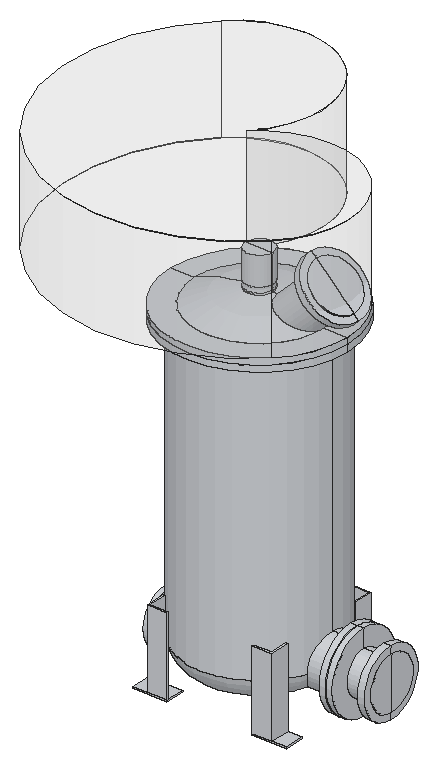
Revit family "Aquarevival_BSG30T", category Mechanical Equipment, Revit 2018
Family settings
  Round Connector Dimension = Use Diameter
  Part Type = Normal
  OmniClass Number = 23.75.00.00
  OmniClass Title = Climate Control (HVAC)
  Work Plane-Based = No
  Always vertical = Yes
  Cut with Voids When Loaded = No
  Shared = No
  Room Calculation Point = No
Parameters
  Panel Location (0-4) [instance] = 0
  Panel 4 [instance] = [Panel Location (0-4)] = 4  # no
  Panel 3 [instance] = [Panel Location (0-4)] = 3  # no
  Panel 2 [instance] = [Panel Location (0-4)] = 2  # no
  Panel 1 [instance] = not(or([Panel Location (0-4)] = 2, [Panel Location (0-4)] = 3, [Panel Location (0-4)] = 4, [Panel Location (0-4)] = 0))  # no
  Outlet = 0' - 8"
  Model = "BSG30T"
  Manufacturer = "Aqua Revival LLC"
  Keynote = ""
  Inlet = 0' - 8"
  Filter Discharge Rotation [instance] = 0.00°
  Filter Clearance Rotation [instance] = 0.00°
  Drain = 0' - 6"
  Description = "Regenerative Media Filter"
Reference planes (in)
  plane 1 "Center (Front/Back)": y = 0
  plane 2: z = 0
  plane 3 "Center (Left/Right)": x = 0
  plane 4: x = -10
Forms (in)
  Revolve 1, solid
    sketch origin (0, 0, 12) x (1, 0, 0) y (0, 0, 1)
      loop
        line (0, -10.57214) -> (0, 68.29718) -> (-2.75, 68.29718) -> (-2.75, 62.52647)
        arc (-2.75, 62.52647) -> (-2.69488, 61.98511) -> (-2.75, 61.44374) r 2.68607
        line (-2.75, 61.44374) -> (-2.75, 61.08786)
        arc (-2.75, 61.08786) -> (-8.11708, 60.10161) -> (-13.21893, 58.16524) r 30.1875
        line (-13.21893, 58.16524) -> (-18, 58.16524) -> (-18, 56.99024) -> (-17.83714, 56.99024) -> (-17.83714, 56.92774) -> (-18, 56.92774) -> (-18, 55.57524) -> (-15, 55.57524) -> (-15, -2.31154)
        arc (-15, -2.31154) -> (-13.56037, -5.25014) -> (-10.94229, -7.2132) r 6.99938
        arc (-10.94229, -7.2132) -> (-5.67273, -9.54936) -> (0, -10.57214) r 24.18423
      axis (0, 68.29718) -> (0, -10.57214)
    angle from 0 to 360
  Revolve 2, solid
    sketch origin (-5.08816, 0, 0.94221) x (1, 0, 0) y (0, 0, 1)
      loop
        line (-14.12767, 5.39286) -> (2.50798, 5.39286) -> (2.50798, 8.70536) -> (-13.12766, 8.70536) -> (-13.12766, 10.89286) -> (-14.12767, 10.89286) -> (-14.12767, 5.39286)
      axis (-14.12767, 5.39286) -> (2.50798, 5.39286)
    angle from 0 to 360
  Extrusion 3, solid
    sketch origin (-5.08816, 0, 0.94221) x (0, 1, 0) y (0, 0, 1)
      loop
        circle (0, 5.39286) r 3.25
    from -14.26766 to -14.12767
  Revolve 4, solid
    sketch origin (0, -52.99083, 14.82578) x (0, 1, 0) y (0, 0, 1)
      loop
        line (40.62187, 45.49946) -> (44.12187, 45.49946) -> (44.12187, 47.76786) -> (42.49057, 47.76786) -> (42.39687, 47.86156) -> (42.39687, 48.01786) -> (41.87187, 48.01786) -> (41.87187, 48.41208) -> (40.71557, 48.41208) -> (40.62187, 48.31823) -> (40.62187, 45.49946)
      axis (40.62187, 45.49946) -> (44.12187, 45.49946)
    angle from 0 to 360
  Extrusion 5, solid
    sketch origin (0, 0, 0) x (1, 0, 0) y (0, 1, 0)
      loop
        line (-15.63809, 12.65994) -> (-15.63809, 8.65994) -> (-8.63809, 8.65994) -> (-8.63809, 12.65994) -> (-15.63809, 12.65994)
      loop
        line (15.63809, 12.65994) -> (8.63809, 12.65994) -> (8.63809, 8.65994) -> (15.63809, 8.65994) -> (15.63809, 12.65994)
      loop
        line (-15.63809, -12.65994) -> (-8.63809, -12.65994) -> (-8.63809, -8.65994) -> (-15.63809, -8.65994) -> (-15.63809, -12.65994)
      loop
        line (15.63809, -12.65994) -> (15.63809, -8.65994) -> (8.63809, -8.65994) -> (8.63809, -12.65994) -> (15.63809, -12.65994)
    from 0 to 0.25
  Extrusion 6, solid
    sketch origin (0, 0, 0) x (1, 0, 0) y (0, 1, 0)
      loop
        line (-8.63809, 12.65994) -> (-12.63809, 12.65994) -> (-12.63809, 8.65994) -> (-12.38809, 8.65994) -> (-12.38809, 12.40994) -> (-8.63809, 12.40994) -> (-8.63809, 12.65994)
      loop
        line (8.63809, 12.65994) -> (8.63809, 12.40994) -> (12.38809, 12.40994) -> (12.38809, 8.65994) -> (12.63809, 8.65994) -> (12.63809, 12.65994) -> (8.63809, 12.65994)
      loop
        line (-8.63809, -12.65994) -> (-8.63809, -12.40994) -> (-12.38809, -12.40994) -> (-12.38809, -8.65994) -> (-12.63809, -8.65994) -> (-12.63809, -12.65994) -> (-8.63809, -12.65994)
      loop
        line (8.63809, -12.65994) -> (12.63809, -12.65994) -> (12.63809, -8.65994) -> (12.38809, -8.65994) -> (12.38809, -12.40994) -> (8.63809, -12.40994) -> (8.63809, -12.65994)
    from 0.25 to 16.25
  Extrusion 7, solid, visible <- "Panel 1"
    sketch origin (2.22597, -7.33787, 14.06599) x (1, 0, 0) y (0, 1, 0)
      loop
        line (-26.32299, -12.86214) -> (-26.32299, -13.11014) -> (-27.35099, -13.11014) -> (-27.35099, -13.77514)
        arc (-27.35099, -13.77514) -> (-27.30413, -13.88828) -> (-27.19099, -13.93514) r 0.16
        line (-27.19099, -13.93514) -> (-11.87099, -13.93514)
        arc (-11.87099, -13.93514) -> (-11.76846, -13.89267) -> (-11.72599, -13.79014) r 0.145
        line (-11.72599, -13.79014) -> (-11.72599, -13.11014) -> (-12.65099, -13.11014) -> (-12.65099, -12.86215) -> (-11.62098, -12.86215)
        arc (-11.62098, -12.86215) -> (-11.51852, -12.81975) -> (-11.47597, -12.71735) r 0.14501
        line (-11.47597, -12.71735) -> (-11.47597, -7.00721)
        arc (-11.47597, -7.00721) -> (-11.51845, -6.90466) -> (-11.62101, -6.86218) r 0.14504
        line (-11.62101, -6.86218) -> (-27.331, -6.86218)
        arc (-27.331, -6.86218) -> (-27.43352, -6.90464) -> (-27.47598, -7.00716) r 0.14498
        line (-27.47598, -7.00716) -> (-27.47598, -12.71714)
        arc (-27.47598, -12.71714) -> (-27.43351, -12.81967) -> (-27.33099, -12.86214) r 0.145
        line (-27.33099, -12.86214) -> (-26.32299, -12.86214)
    from 35.1762 to 51.1012
  Extrusion 8, solid, visible <- "Panel 1"
    sketch origin (2.22597, -7.33785, 14.06599) x (1, 0, 0) y (0, 1, 0)
      loop
        line (-27.47599, -6.86218) -> (-7.0591, -6.86218)
        arc (-7.0591, -6.86218) -> (-11.42557, -4.50982) -> (-14.78622, -0.86215) r 15
        line (-14.78622, -0.86215) -> (-27.47599, -0.86215) -> (-27.47599, -6.86218)
    from 50.9012 to 51.1012
  Extrusion 9, solid, visible <- "Panel 1"
    sketch origin (2.22597, -7.33785, 14.06599) x (0, 1, 0) y (0, 0, 1)
      loop
        line (-6.86218, 50.9012) -> (-6.86218, 49.53074) -> (-6.61218, 49.53074) -> (-6.61218, 50.9012) -> (-6.86218, 50.9012)
    from -27.47599 to -7.47602
  Extrusion 10, solid, visible <- "Panel 1"
    sketch origin (2.22597, -7.33785, 100.34339) x (0, -1, 0) y (-1, 0, 0)
      loop
        line (6.86218, 7.0591) -> (6.86218, 27.47599) -> (0.86215, 27.47599) -> (0.86215, 14.78622)
        arc (0.86215, 14.78622) -> (4.50982, 11.42557) -> (6.86218, 7.0591) r 15
    from 50.9012 to 51.1012
  Extrusion 11, solid, visible <- "Panel 1"
    sketch origin (2.22597, -7.33785, 100.34339) x (0, 1, 0) y (0, 0, 1)
      loop
        line (-6.86218, -50.9012) -> (-6.61218, -50.9012) -> (-6.61218, -49.53074) -> (-6.86218, -49.53074) -> (-6.86218, -50.9012)
    from -27.47599 to -7.47599
  Revolve 12, solid, visible <- "Panel 1"
    sketch origin (-17.25001, -68.87887, 14.06599) x (0, -1, 0) y (0, 0, 1)
      loop
        line (-45.98085, 39.52627) -> (-45.98085, 40.27627)
        arc (-45.98085, 40.27627) -> (-46.1273, 40.62983) -> (-46.48085, 40.77627) r 0.5
        line (-46.48085, 40.77627) -> (-46.60585, 40.77627) -> (-46.60585, 40.02627) -> (-47.35585, 40.02627) -> (-47.35585, 40.10855) -> (-47.60585, 40.10855) -> (-47.60585, 39.52627) -> (-45.98085, 39.52627)
      axis (-47.60585, 39.52627) -> (-45.98085, 39.52627)
    angle from 0 to 360
  Revolve 13, solid
    sketch origin (0, 0, 0) x (1, 0, 0) y (0, 0, 1)
      loop
        line (18.65474, 15.70024) -> (8.71418, 15.70024) -> (8.71418, 10.32524) -> (26.96418, 10.32524) -> (26.96418, 15.63774) -> (26.81618, 15.63774) -> (26.81618, 17.07524) -> (25.44118, 17.07524) -> (25.44118, 14.63774) -> (21.22974, 14.63774) -> (21.22974, 18.32524) -> (20.00259, 18.32524) -> (20.00259, 18.19644) -> (19.87974, 18.19644) -> (19.87974, 18.32524) -> (18.65474, 18.32524) -> (18.65474, 15.70024)
      axis (8.71418, 10.32524) -> (26.96418, 10.32524)
    angle from 0 to 360
  Extrusion 14, solid, visible <- "Panel 2"
    sketch origin (-2.22597, -7.33787, 14.06599) x (-1, 0, 0) y (0, -1, 0)
      loop
        line (-26.32299, 12.86214) -> (-27.33099, 12.86214)
        arc (-27.33099, 12.86214) -> (-27.43351, 12.81967) -> (-27.47598, 12.71714) r 0.145
        line (-27.47598, 12.71714) -> (-27.47598, 7.00716)
        arc (-27.47598, 7.00716) -> (-27.43352, 6.90464) -> (-27.331, 6.86218) r 0.14498
        line (-27.331, 6.86218) -> (-11.62101, 6.86218)
        arc (-11.62101, 6.86218) -> (-11.51845, 6.90466) -> (-11.47597, 7.00721) r 0.14504
        line (-11.47597, 7.00721) -> (-11.47597, 12.71735)
        arc (-11.47597, 12.71735) -> (-11.51852, 12.81975) -> (-11.62098, 12.86215) r 0.14501
        line (-11.62098, 12.86215) -> (-12.65099, 12.86215) -> (-12.65099, 13.11014) -> (-11.72599, 13.11014) -> (-11.72599, 13.79014)
        arc (-11.72599, 13.79014) -> (-11.76846, 13.89267) -> (-11.87099, 13.93514) r 0.145
        line (-11.87099, 13.93514) -> (-27.19099, 13.93514)
        arc (-27.19099, 13.93514) -> (-27.30413, 13.88828) -> (-27.35099, 13.77514) r 0.16
        line (-27.35099, 13.77514) -> (-27.35099, 13.11014) -> (-26.32299, 13.11014) -> (-26.32299, 12.86214)
    from 35.1762 to 51.1012
  Extrusion 15, solid, visible <- "Panel 2"
    sketch origin (-2.22597, -7.33785, 14.06599) x (-1, 0, 0) y (0, -1, 0)
      loop
        line (-27.47599, 6.86218) -> (-27.47599, 0.86215) -> (-14.78622, 0.86215)
        arc (-14.78622, 0.86215) -> (-11.42557, 4.50982) -> (-7.0591, 6.86218) r 15
        line (-7.0591, 6.86218) -> (-27.47599, 6.86218)
    from 50.9012 to 51.1012
  Extrusion 16, solid, visible <- "Panel 2"
    sketch origin (-2.22597, -7.33785, 14.06599) x (0, 1, 0) y (0, 0, -1)
      loop
        line (-6.86218, -50.9012) -> (-6.61218, -50.9012) -> (-6.61218, -49.53074) -> (-6.86218, -49.53074) -> (-6.86218, -50.9012)
    from -27.47599 to -7.47602
  Extrusion 17, solid, visible <- "Panel 2"
    sketch origin (-2.22597, -7.33785, 100.34339) x (0, 1, 0) y (1, 0, 0)
      loop
        arc (-6.86218, 7.0591) -> (-4.50982, 11.42557) -> (-0.86215, 14.78622) r 15
        line (-0.86215, 14.78622) -> (-0.86215, 27.47599) -> (-6.86218, 27.47599) -> (-6.86218, 7.0591)
    from 50.9012 to 51.1012
  Extrusion 18, solid, visible <- "Panel 2"
    sketch origin (-2.22597, -7.33785, 100.34339) x (0, 1, 0) y (0, 0, -1)
      loop
        line (-6.86218, 50.9012) -> (-6.86218, 49.53074) -> (-6.61218, 49.53074) -> (-6.61218, 50.9012) -> (-6.86218, 50.9012)
    from -27.47599 to -7.47599
  Revolve 19, solid, visible <- "Panel 2"
    sketch origin (17.25001, -68.87887, 14.06599) x (0, -1, 0) y (0, 0, -1)
      loop
        line (-45.98085, -39.52627) -> (-47.60585, -39.52627) -> (-47.60585, -40.10855) -> (-47.35585, -40.10855) -> (-47.35585, -40.02627) -> (-46.60585, -40.02627) -> (-46.60585, -40.77627) -> (-46.48085, -40.77627)
        arc (-46.48085, -40.77627) -> (-46.1273, -40.62983) -> (-45.98085, -40.27627) r 0.5
        line (-45.98085, -40.27627) -> (-45.98085, -39.52627)
      axis (-47.60585, -39.52627) -> (-45.98085, -39.52627)
    angle from 0 to 360
  Extrusion 20, solid, visible <- "Panel 4"
    sketch origin (2.22597, 7.33787, 14.06599) x (1, 0, 0) y (0, 1, 0)
      loop
        line (-26.32299, 12.86214) -> (-27.33099, 12.86214)
        arc (-27.33099, 12.86214) -> (-27.43351, 12.81967) -> (-27.47598, 12.71714) r 0.145
        line (-27.47598, 12.71714) -> (-27.47598, 7.00716)
        arc (-27.47598, 7.00716) -> (-27.43352, 6.90464) -> (-27.331, 6.86218) r 0.14498
        line (-27.331, 6.86218) -> (-11.62101, 6.86218)
        arc (-11.62101, 6.86218) -> (-11.51845, 6.90466) -> (-11.47597, 7.00721) r 0.14504
        line (-11.47597, 7.00721) -> (-11.47597, 12.71735)
        arc (-11.47597, 12.71735) -> (-11.51852, 12.81975) -> (-11.62098, 12.86215) r 0.14501
        line (-11.62098, 12.86215) -> (-12.65099, 12.86215) -> (-12.65099, 13.11014) -> (-11.72599, 13.11014) -> (-11.72599, 13.79014)
        arc (-11.72599, 13.79014) -> (-11.76846, 13.89267) -> (-11.87099, 13.93514) r 0.145
        line (-11.87099, 13.93514) -> (-27.19099, 13.93514)
        arc (-27.19099, 13.93514) -> (-27.30413, 13.88828) -> (-27.35099, 13.77514) r 0.16
        line (-27.35099, 13.77514) -> (-27.35099, 13.11014) -> (-26.32299, 13.11014) -> (-26.32299, 12.86214)
    from 35.1762 to 51.1012
  Extrusion 21, solid, visible <- "Panel 4"
    sketch origin (2.22597, 7.33785, 14.06599) x (1, 0, 0) y (0, 1, 0)
      loop
        line (-27.47599, 6.86218) -> (-27.47599, 0.86215) -> (-14.78622, 0.86215)
        arc (-14.78622, 0.86215) -> (-11.42557, 4.50982) -> (-7.0591, 6.86218) r 15
        line (-7.0591, 6.86218) -> (-27.47599, 6.86218)
    from 50.9012 to 51.1012
  Extrusion 22, solid, visible <- "Panel 4"
    sketch origin (2.22597, 7.33785, 14.06599) x (0, -1, 0) y (0, 0, -1)
      loop
        line (-6.86218, -50.9012) -> (-6.61218, -50.9012) -> (-6.61218, -49.53074) -> (-6.86218, -49.53074) -> (-6.86218, -50.9012)
    from -27.47599 to -7.47602
  Extrusion 23, solid, visible <- "Panel 4"
    sketch origin (2.22597, 7.33785, 100.34339) x (0, -1, 0) y (-1, 0, 0)
      loop
        arc (-6.86218, 7.0591) -> (-4.50982, 11.42557) -> (-0.86215, 14.78622) r 15
        line (-0.86215, 14.78622) -> (-0.86215, 27.47599) -> (-6.86218, 27.47599) -> (-6.86218, 7.0591)
    from 50.9012 to 51.1012
  Extrusion 24, solid, visible <- "Panel 4"
    sketch origin (2.22597, 7.33785, 100.34339) x (0, -1, 0) y (0, 0, -1)
      loop
        line (-6.86218, 50.9012) -> (-6.86218, 49.53074) -> (-6.61218, 49.53074) -> (-6.61218, 50.9012) -> (-6.86218, 50.9012)
    from -27.47599 to -7.47599
  Revolve 25, solid, visible <- "Panel 4"
    sketch origin (-17.25001, 68.87887, 14.06599) x (0, 1, 0) y (0, 0, -1)
      loop
        line (-45.98085, -39.52627) -> (-47.60585, -39.52627) -> (-47.60585, -40.10855) -> (-47.35585, -40.10855) -> (-47.35585, -40.02627) -> (-46.60585, -40.02627) -> (-46.60585, -40.77627) -> (-46.48085, -40.77627)
        arc (-46.48085, -40.77627) -> (-46.1273, -40.62983) -> (-45.98085, -40.27627) r 0.5
        line (-45.98085, -40.27627) -> (-45.98085, -39.52627)
      axis (-47.60585, -39.52627) -> (-45.98085, -39.52627)
    angle from 0 to 360
  Extrusion 26, solid, visible <- "Panel 3"
    sketch origin (-2.22597, 7.33787, 14.06599) x (-1, 0, 0) y (0, -1, 0)
      loop
        line (-26.32299, -12.86214) -> (-26.32299, -13.11014) -> (-27.35099, -13.11014) -> (-27.35099, -13.77514)
        arc (-27.35099, -13.77514) -> (-27.30413, -13.88828) -> (-27.19099, -13.93514) r 0.16
        line (-27.19099, -13.93514) -> (-11.87099, -13.93514)
        arc (-11.87099, -13.93514) -> (-11.76846, -13.89267) -> (-11.72599, -13.79014) r 0.145
        line (-11.72599, -13.79014) -> (-11.72599, -13.11014) -> (-12.65099, -13.11014) -> (-12.65099, -12.86215) -> (-11.62098, -12.86215)
        arc (-11.62098, -12.86215) -> (-11.51852, -12.81975) -> (-11.47597, -12.71735) r 0.14501
        line (-11.47597, -12.71735) -> (-11.47597, -7.00721)
        arc (-11.47597, -7.00721) -> (-11.51845, -6.90466) -> (-11.62101, -6.86218) r 0.14504
        line (-11.62101, -6.86218) -> (-27.331, -6.86218)
        arc (-27.331, -6.86218) -> (-27.43352, -6.90464) -> (-27.47598, -7.00716) r 0.14498
        line (-27.47598, -7.00716) -> (-27.47598, -12.71714)
        arc (-27.47598, -12.71714) -> (-27.43351, -12.81967) -> (-27.33099, -12.86214) r 0.145
        line (-27.33099, -12.86214) -> (-26.32299, -12.86214)
    from 35.1762 to 51.1012
  Extrusion 27, solid, visible <- "Panel 3"
    sketch origin (-2.22597, 7.33785, 14.06599) x (-1, 0, 0) y (0, -1, 0)
      loop
        line (-27.47599, -6.86218) -> (-7.0591, -6.86218)
        arc (-7.0591, -6.86218) -> (-11.42557, -4.50982) -> (-14.78622, -0.86215) r 15
        line (-14.78622, -0.86215) -> (-27.47599, -0.86215) -> (-27.47599, -6.86218)
    from 50.9012 to 51.1012
  Extrusion 28, solid, visible <- "Panel 3"
    sketch origin (-2.22597, 7.33785, 14.06599) x (0, -1, 0) y (0, 0, 1)
      loop
        line (-6.86218, 50.9012) -> (-6.86218, 49.53074) -> (-6.61218, 49.53074) -> (-6.61218, 50.9012) -> (-6.86218, 50.9012)
    from -27.47599 to -7.47602
  Extrusion 29, solid, visible <- "Panel 3"
    sketch origin (-2.22597, 7.33785, 100.34339) x (0, 1, 0) y (1, 0, 0)
      loop
        line (6.86218, 7.0591) -> (6.86218, 27.47599) -> (0.86215, 27.47599) -> (0.86215, 14.78622)
        arc (0.86215, 14.78622) -> (4.50982, 11.42557) -> (6.86218, 7.0591) r 15
    from 50.9012 to 51.1012
  Extrusion 30, solid, visible <- "Panel 3"
    sketch origin (-2.22597, 7.33785, 100.34339) x (0, -1, 0) y (0, 0, 1)
      loop
        line (-6.86218, -50.9012) -> (-6.61218, -50.9012) -> (-6.61218, -49.53074) -> (-6.86218, -49.53074) -> (-6.86218, -50.9012)
    from -27.47599 to -7.47599
  Revolve 31, solid, visible <- "Panel 3"
    sketch origin (17.25001, 68.87887, 14.06599) x (0, 1, 0) y (0, 0, 1)
      loop
        line (-45.98085, 39.52627) -> (-45.98085, 40.27627)
        arc (-45.98085, 40.27627) -> (-46.1273, 40.62983) -> (-46.48085, 40.77627) r 0.5
        line (-46.48085, 40.77627) -> (-46.60585, 40.77627) -> (-46.60585, 40.02627) -> (-47.35585, 40.02627) -> (-47.35585, 40.10855) -> (-47.60585, 40.10855) -> (-47.60585, 39.52627) -> (-45.98085, 39.52627)
      axis (-47.60585, 39.52627) -> (-45.98085, 39.52627)
    angle from 0 to 360
Cuts and joins
  joined: Revolve 4, Extrusion 6
Lines and regions (in)
  reference lines
    curve 1: line (0, 0, 0) -> (19, 0, 0)
    curve 2: line (0, 0, 0) -> (0, 19, 0)
  model lines, visible <- "Panel 1"
    curve 3: line (-21.87842, -21.27301, 62.52459) -> (-13.50016, -21.27301, 62.52459)
    curve 4: line (-21.87842, -21.27301, 56.80733) -> (-21.87842, -21.27301, 62.52459)
    curve 5: line (-13.50016, -21.27301, 56.80733) -> (-21.87842, -21.27301, 56.80733)
    curve 6: line (-13.50016, -21.27301, 62.52459) -> (-13.50016, -21.27301, 56.80733)
    curve 7: line (-14.59874, -21.27301, 57.91399) -> (-20.77984, -21.27301, 57.91399)
    curve 8: line (-14.59874, -21.27301, 61.41793) -> (-14.59874, -21.27301, 57.91399)
    curve 9: line (-20.77984, -21.27301, 61.41793) -> (-14.59874, -21.27301, 61.41793)
    curve 10: line (-20.77984, -21.27301, 57.91399) -> (-20.77984, -21.27301, 61.41793)
    curve 11: arc (-11.75232, -21.27301, 57.71607) -> (-12.3035, -21.27301, 57.16489) -> (-11.75232, -21.27301, 56.61371) r 0.55118
    curve 12: arc (-11.75232, -21.27301, 56.61371) -> (-11.20114, -21.27301, 57.16489) -> (-11.75232, -21.27301, 57.71607) r 0.55118
    curve 13: arc (-11.75232, -21.27301, 56.73182) -> (-11.31925, -21.27301, 57.16489) -> (-11.75232, -21.27301, 57.59796) r 0.43307
    curve 14: arc (-11.75232, -21.27301, 57.59796) -> (-12.18539, -21.27301, 57.16489) -> (-11.75232, -21.27301, 56.73182) r 0.43307
    curve 15: arc (-11.75232, -21.27301, 57.49363) -> (-12.08106, -21.27301, 57.16489) -> (-11.75232, -21.27301, 56.83615) r 0.32874
    curve 16: arc (-11.75232, -21.27301, 56.83615) -> (-11.42358, -21.27301, 57.16489) -> (-11.75232, -21.27301, 57.49363) r 0.32874
    curve 17: line (-12.06242, -21.27301, 57.22001) -> (-11.44222, -21.27301, 57.22001)
    curve 18: line (-11.44222, -21.27301, 57.10977) -> (-12.06242, -21.27301, 57.10977)
  model lines
    curve 19: line (-19.21583, 0, 11.83507) -> (-19.21583, 0, 0.83507)
  model lines, visible <- "Panel 2"
    curve 20: line (21.87842, -21.27301, 62.52459) -> (13.50016, -21.27301, 62.52459)
    curve 21: line (21.87842, -21.27301, 56.80733) -> (21.87842, -21.27301, 62.52459)
    curve 22: line (13.50016, -21.27301, 56.80733) -> (21.87842, -21.27301, 56.80733)
    curve 23: line (13.50016, -21.27301, 62.52459) -> (13.50016, -21.27301, 56.80733)
    curve 24: line (14.59874, -21.27301, 57.91399) -> (20.77984, -21.27301, 57.91399)
    curve 25: line (14.59874, -21.27301, 61.41793) -> (14.59874, -21.27301, 57.91399)
    curve 26: line (20.77984, -21.27301, 61.41793) -> (14.59874, -21.27301, 61.41793)
    curve 27: line (20.77984, -21.27301, 57.91399) -> (20.77984, -21.27301, 61.41793)
    curve 28: arc (11.75232, -21.27301, 57.71607) -> (12.3035, -21.27301, 57.16489) -> (11.75232, -21.27301, 56.61371) r 0.55118
    curve 29: arc (11.75232, -21.27301, 56.61371) -> (11.20114, -21.27301, 57.16489) -> (11.75232, -21.27301, 57.71607) r 0.55118
    curve 30: arc (11.75232, -21.27301, 56.73182) -> (11.31925, -21.27301, 57.16489) -> (11.75232, -21.27301, 57.59796) r 0.43307
    curve 31: arc (11.75232, -21.27301, 57.59796) -> (12.18539, -21.27301, 57.16489) -> (11.75232, -21.27301, 56.73182) r 0.43307
    curve 32: arc (11.75232, -21.27301, 57.49363) -> (12.08106, -21.27301, 57.16489) -> (11.75232, -21.27301, 56.83615) r 0.32874
    curve 33: arc (11.75232, -21.27301, 56.83615) -> (11.42358, -21.27301, 57.16489) -> (11.75232, -21.27301, 57.49363) r 0.32874
    curve 34: line (12.06242, -21.27301, 57.22001) -> (11.44222, -21.27301, 57.22001)
    curve 35: line (11.44222, -21.27301, 57.10977) -> (12.06242, -21.27301, 57.10977)
  model lines, visible <- "Panel 4"
    curve 36: line (-21.87842, 21.27301, 62.52459) -> (-13.50016, 21.27301, 62.52459)
    curve 37: line (-21.87842, 21.27301, 56.80733) -> (-21.87842, 21.27301, 62.52459)
    curve 38: line (-13.50016, 21.27301, 56.80733) -> (-21.87842, 21.27301, 56.80733)
    curve 39: line (-13.50016, 21.27301, 62.52459) -> (-13.50016, 21.27301, 56.80733)
    curve 40: line (-14.59874, 21.27301, 57.91399) -> (-20.77984, 21.27301, 57.91399)
    curve 41: line (-14.59874, 21.27301, 61.41793) -> (-14.59874, 21.27301, 57.91399)
    curve 42: line (-20.77984, 21.27301, 61.41793) -> (-14.59874, 21.27301, 61.41793)
    curve 43: line (-20.77984, 21.27301, 57.91399) -> (-20.77984, 21.27301, 61.41793)
    curve 44: arc (-11.75232, 21.27301, 57.71607) -> (-12.3035, 21.27301, 57.16489) -> (-11.75232, 21.27301, 56.61371) r 0.55118
    curve 45: arc (-11.75232, 21.27301, 56.61371) -> (-11.20114, 21.27301, 57.16489) -> (-11.75232, 21.27301, 57.71607) r 0.55118
    curve 46: arc (-11.75232, 21.27301, 56.73182) -> (-11.31925, 21.27301, 57.16489) -> (-11.75232, 21.27301, 57.59796) r 0.43307
    curve 47: arc (-11.75232, 21.27301, 57.59796) -> (-12.18539, 21.27301, 57.16489) -> (-11.75232, 21.27301, 56.73182) r 0.43307
    curve 48: arc (-11.75232, 21.27301, 57.49363) -> (-12.08106, 21.27301, 57.16489) -> (-11.75232, 21.27301, 56.83615) r 0.32874
    curve 49: arc (-11.75232, 21.27301, 56.83615) -> (-11.42358, 21.27301, 57.16489) -> (-11.75232, 21.27301, 57.49363) r 0.32874
    curve 50: line (-12.06242, 21.27301, 57.22001) -> (-11.44222, 21.27301, 57.22001)
    curve 51: line (-11.44222, 21.27301, 57.10977) -> (-12.06242, 21.27301, 57.10977)
  model lines, visible <- "Panel 3"
    curve 52: line (21.87842, 21.27301, 62.52459) -> (13.50016, 21.27301, 62.52459)
    curve 53: line (21.87842, 21.27301, 56.80733) -> (21.87842, 21.27301, 62.52459)
    curve 54: line (13.50016, 21.27301, 56.80733) -> (21.87842, 21.27301, 56.80733)
    curve 55: line (13.50016, 21.27301, 62.52459) -> (13.50016, 21.27301, 56.80733)
    curve 56: line (14.59874, 21.27301, 57.91399) -> (20.77984, 21.27301, 57.91399)
    curve 57: line (14.59874, 21.27301, 61.41793) -> (14.59874, 21.27301, 57.91399)
    curve 58: line (20.77984, 21.27301, 61.41793) -> (14.59874, 21.27301, 61.41793)
    curve 59: line (20.77984, 21.27301, 57.91399) -> (20.77984, 21.27301, 61.41793)
    curve 60: arc (11.75232, 21.27301, 57.71607) -> (12.3035, 21.27301, 57.16489) -> (11.75232, 21.27301, 56.61371) r 0.55118
    curve 61: arc (11.75232, 21.27301, 56.61371) -> (11.20114, 21.27301, 57.16489) -> (11.75232, 21.27301, 57.71607) r 0.55118
    curve 62: arc (11.75232, 21.27301, 56.73182) -> (11.31925, 21.27301, 57.16489) -> (11.75232, 21.27301, 57.59796) r 0.43307
    curve 63: arc (11.75232, 21.27301, 57.59796) -> (12.18539, 21.27301, 57.16489) -> (11.75232, 21.27301, 56.73182) r 0.43307
    curve 64: arc (11.75232, 21.27301, 57.49363) -> (12.08106, 21.27301, 57.16489) -> (11.75232, 21.27301, 56.83615) r 0.32874
    curve 65: arc (11.75232, 21.27301, 56.83615) -> (11.42358, 21.27301, 57.16489) -> (11.75232, 21.27301, 57.49363) r 0.32874
    curve 66: line (12.06242, 21.27301, 57.22001) -> (11.44222, 21.27301, 57.22001)
    curve 67: line (11.44222, 21.27301, 57.10977) -> (12.06242, 21.27301, 57.10977)
Dimensions and locks (in)
  "Filter Discharge Rotation": angle plane 1 "Center (Front/Back)" to curve 1
  "Filter Clearance Rotation": angle curve 2 to plane 3 "Center (Left/Right)"
  aligned and locked: level to plane 2
  aligned and locked: plane 3 "Center (Left/Right)" to curve 2
  aligned and locked: plane 1 "Center (Front/Back)" to curve 2
Automatic sketch dimensions
  level to curve 19 = 0' - 0.83507"
  plane 4 to curve 19 = 0' - 9.21583"
  curve 19 to curve 19 = 0' - 11"
  Revolve 1 sketch curve to plane 3 "Center (Left/Right)" = 0' - 0"  (x3)
  Revolve 1 sketch curve to plane 3 "Center (Left/Right)" = 0' - 2 3/4"
  Revolve 1 sketch curve to Revolve 1 sketch curve = 0' - 0"  (x2)
  Revolve 1 sketch curve to Revolve 1 sketch curve = 0' - 2.63095"
  Revolve 1 sketch curve to plane 4 = 0' - 1.83129"
  plane 4 to Revolve 1 sketch curve = 0' - 3.21893"
  Revolve 1 sketch curve to Revolve 1 sketch curve = 0' - 1.78107"
  Revolve 1 sketch curve to Revolve 1 sketch curve = 0' - 2.83714"
  Revolve 1 sketch curve to Revolve 1 sketch curve = 0' - 0.16286"
  plane 3 "Center (Left/Right)" to Revolve 1 sketch curve = 0' - 1.42424"
  level to Revolve 1 sketch curve = 0' - 1.42786"
  level to Revolve 1 sketch curve = 0' - 9.68846"
  Revolve 1 sketch curve to Revolve 1 sketch curve = 0' - 1.52474"
  Revolve 1 sketch curve to Revolve 1 sketch curve = 1' - 2.35692"
  Revolve 1 sketch curve to Revolve 1 sketch curve = 1' - 5.45576"
  Revolve 1 sketch curve to Revolve 1 sketch curve = 2' - 0.54937"
  Revolve 1 sketch curve to Revolve 1 sketch curve = 0' - 1.3525"
  Revolve 1 sketch curve to Revolve 1 sketch curve = 0' - 0 1/16"
  Revolve 1 sketch curve to Revolve 1 sketch curve = 0' - 1.175"
  Revolve 1 sketch curve to Revolve 1 sketch curve = 0' - 0.35589"
  Revolve 1 sketch curve to Revolve 1 sketch curve = 0' - 0.54136"
  Revolve 1 sketch curve to Revolve 1 sketch curve = 0' - 5.77071"
  Revolve 1 sketch curve to Revolve 1 sketch curve = 0' - 1.62329"
  Revolve 1 sketch curve to Revolve 1 sketch curve = 0' - 8.92607"
  plane 4 to Revolve 2 sketch curve = 0' - 9.21583"
  Revolve 2 sketch curve to Revolve 2 sketch curve = 0' - 1"
  Revolve 2 sketch curve to plane 3 "Center (Left/Right)" = 0' - 2.58018"
  level to Revolve 2 sketch curve = 0' - 6.33507"
  Revolve 2 sketch curve to Revolve 2 sketch curve = 0' - 3 5/16"
  Revolve 2 sketch curve to Revolve 2 sketch curve = 0' - 2 3/16"
  Revolve 2 sketch curve to Revolve 2 sketch curve = 0' - 4 1/2"
  Revolve 2 sketch curve to Revolve 2 sketch curve = 0' - 2 1/4"
  Revolve 2 sketch curve to Revolve 2 sketch curve = 0' - 0"
  Extrusion 3 sketch curve to plane 1 "Center (Front/Back)" = 0' - 0"
  level to Extrusion 3 sketch curve = 0' - 6.33507"
  plane 1 "Center (Front/Back)" to Revolve 4 sketch curve = 1' - 0.36896"
  Revolve 4 sketch curve to Revolve 4 sketch curve = 0' - 0.0937"  (x4)
  Revolve 4 sketch curve to Revolve 4 sketch curve = 0' - 1.1563"
  Revolve 4 sketch curve to Revolve 4 sketch curve = 0' - 0.525"
  Revolve 4 sketch curve to Revolve 4 sketch curve = 0' - 1.6313"
  level to Revolve 4 sketch curve = 5' - 0.32524"
  Revolve 4 sketch curve to Revolve 4 sketch curve = 0' - 2.26839"
  Revolve 4 sketch curve to Revolve 4 sketch curve = 0' - 0.1563"
  Revolve 4 sketch curve to Revolve 4 sketch curve = 0' - 0.30037"
  Revolve 4 sketch curve to Revolve 4 sketch curve = 0' - 0.09385"
  Revolve 4 sketch curve to Revolve 4 sketch curve = 0' - 1"
  Revolve 4 sketch curve to Revolve 4 sketch curve = 0' - 0"
  plane 4 to Extrusion 7 sketch curve = 1' - 3 1/4"
  Extrusion 7 sketch curve to Extrusion 7 sketch curve = 0' - 0 1/8"
  Extrusion 7 sketch curve to Extrusion 7 sketch curve = 0' - 0.14498"
  Extrusion 7 sketch curve to Extrusion 7 sketch curve = 0' - 0.145"  (x2)
  Extrusion 7 sketch curve to Extrusion 7 sketch curve = 0' - 0.16"
  Extrusion 7 sketch curve to Extrusion 7 sketch curve = 0' - 1.028"
  plane 4 to Extrusion 7 sketch curve = 0' - 0.42502"
  Extrusion 7 sketch curve to plane 4 = 0' - 0.35498"
  Extrusion 7 sketch curve to plane 4 = 0' - 0.60496"
  Extrusion 7 sketch curve to Extrusion 7 sketch curve = 0' - 0.10501"
  Extrusion 7 sketch curve to Extrusion 7 sketch curve = 0' - 0.14501"
  plane 1 "Center (Front/Back)" to Extrusion 7 sketch curve = 1' - 9.27301"
  Extrusion 7 sketch curve to Extrusion 7 sketch curve = 0' - 0.665"
  Extrusion 7 sketch curve to Extrusion 7 sketch curve = 0' - 0.68"
  Extrusion 7 sketch curve to Extrusion 7 sketch curve = 0' - 0.24799"
  Extrusion 7 sketch curve to Extrusion 7 sketch curve = 0' - 0.248"
  Extrusion 7 sketch curve to Extrusion 7 sketch curve = 0' - 0.14479"
  Extrusion 7 sketch curve to Extrusion 7 sketch curve = 0' - 5.70992"
  plane 1 "Center (Front/Back)" to Extrusion 8 sketch curve = 0' - 0"
  Extrusion 8 sketch curve to plane 3 "Center (Left/Right)" = 0' - 0"
  Extrusion 8 sketch curve to plane 3 "Center (Left/Right)" = 0' - 4.83314"
  plane 4 to Extrusion 8 sketch curve = 0' - 2.56026"
  Extrusion 8 sketch curve to Extrusion 8 sketch curve = 1' - 0.68977"
  plane 1 "Center (Front/Back)" to Extrusion 8 sketch curve = 0' - 8.2"
  plane 1 "Center (Front/Back)" to Extrusion 9 sketch curve = 1' - 2.20003"
  Extrusion 9 sketch curve to Extrusion 9 sketch curve = 0' - 0 1/4"
  level to Extrusion 9 sketch curve = 5' - 3.59673"
  Extrusion 9 sketch curve to Extrusion 9 sketch curve = 0' - 1.37046"
  plane 1 "Center (Front/Back)" to Extrusion 10 sketch curve = 0' - 0"
  Extrusion 10 sketch curve to plane 3 "Center (Left/Right)" = 0' - 0"
  plane 1 "Center (Front/Back)" to Extrusion 10 sketch curve = 0' - 8.2"
  Extrusion 10 sketch curve to Extrusion 10 sketch curve = 0' - 6.00003"
  Extrusion 10 sketch curve to plane 3 "Center (Left/Right)" = 0' - 4.83314"
  Extrusion 10 sketch curve to Extrusion 10 sketch curve = 1' - 0.68977"
  Extrusion 11 sketch curve to plane 1 "Center (Front/Back)" = 1' - 2.20003"
  Extrusion 11 sketch curve to Extrusion 11 sketch curve = 0' - 0 1/4"
  Extrusion 11 sketch curve to level = 4' - 2.81265"
  Extrusion 11 sketch curve to Extrusion 11 sketch curve = 0' - 1.37046"
  plane 1 "Center (Front/Back)" to Revolve 12 sketch curve = 1' - 9.27303"
  Revolve 12 sketch curve to Revolve 12 sketch curve = 0' - 0 1/4"  (x2)
  Revolve 12 sketch curve to Revolve 12 sketch curve = 0' - 0 3/4"
  Revolve 12 sketch curve to Revolve 12 sketch curve = 0' - 0 1/8"
  Revolve 12 sketch curve to Revolve 12 sketch curve = 0' - 0 5/8"
  level to Revolve 12 sketch curve = 4' - 5.59226"
  Revolve 12 sketch curve to Revolve 12 sketch curve = 0' - 0 1/2"  (x2)
  Revolve 12 sketch curve to Revolve 12 sketch curve = 0' - 0.08228"
  Revolve 12 sketch curve to Revolve 12 sketch curve = 0' - 0.57774"
  Revolve 12 sketch curve to Revolve 12 sketch curve = 0' - 0"  (x4)
  Revolve 12 sketch curve to Revolve 12 sketch curve = 0' - 0.35941"
  curve 11 to curve 12 = 0' - 0"  (x2)
  curve 11 to curve 13 = 0' - 0"  (x2)
  curve 11 to curve 14 = 0' - 0"  (x2)
  curve 11 to curve 15 = 0' - 0"  (x2)
  curve 11 to curve 16 = 0' - 0"  (x2)
  curve 12 to curve 13 = 0' - 0"  (x2)
  curve 12 to curve 14 = 0' - 0"  (x2)
  curve 12 to curve 15 = 0' - 0"  (x2)
  curve 12 to curve 16 = 0' - 0"  (x2)
  curve 13 to curve 14 = 0' - 0"  (x2)
  curve 13 to curve 15 = 0' - 0"  (x2)
  curve 13 to curve 16 = 0' - 0"  (x2)
  curve 14 to curve 15 = 0' - 0"  (x2)
  curve 14 to curve 16 = 0' - 0"  (x2)
  curve 15 to curve 16 = 0' - 0"  (x2)
  Extrusion 7 to curve 5 = 0' - 3.08661"
  curve 3 to curve 9 = 0' - 1.09858"
  curve 9 to Extrusion 7 = 0' - 4.95372"
  curve 7 to curve 5 = 0' - 1.09858"
  curve 5 to curve 13 = 0' - 1.74784"
  Extrusion 7 to curve 5 = 0' - 7.56514"
  curve 5 to curve 13 = 0' - 0.35756"
  curve 5 to curve 7 = 0' - 1.10666"
  curve 7 to curve 10 = 0' - 3.50394"
  curve 9 to curve 4 = 0' - 1.10666"
  curve 17 to curve 11 = 0' - 0.3101"
  curve 17 to curve 18 = 0' - 0"  (x2)
  curve 13 to curve 18 = 0' - 0.3101"
  curve 13 to curve 11 = 0' - 0.43307"
  curve 12 to curve 13 = 0' - 0.11811"
  curve 13 to curve 16 = 0' - 0.10433"
  curve 18 to curve 11 = 0' - 0.05512"
  curve 18 to curve 17 = 0' - 0.11024"
  plane 3 "Center (Left/Right)" to Revolve 13 sketch curve = 0' - 8.71418"
  Revolve 13 sketch curve to Revolve 13 sketch curve = 0' - 9.94056"
  Revolve 13 sketch curve to Revolve 13 sketch curve = 0' - 1.225"
  Revolve 13 sketch curve to Revolve 13 sketch curve = 0' - 0.12285"
  Revolve 13 sketch curve to Revolve 13 sketch curve = 0' - 2.575"
  Revolve 13 sketch curve to Revolve 13 sketch curve = 0' - 4.21144"
  Revolve 13 sketch curve to Revolve 13 sketch curve = 0' - 1 3/8"
  Revolve 13 sketch curve to Revolve 13 sketch curve = 0' - 0.148"
  level to Revolve 13 sketch curve = 0' - 10.32524"
  Revolve 13 sketch curve to Revolve 13 sketch curve = 0' - 4 5/16"
  Revolve 13 sketch curve to Revolve 13 sketch curve = 0' - 1"
  Revolve 13 sketch curve to Revolve 13 sketch curve = 0' - 1 1/16"
  Revolve 13 sketch curve to Revolve 13 sketch curve = 0' - 1 7/16"
  Revolve 13 sketch curve to Revolve 13 sketch curve = 0' - 2.4962"
  Revolve 13 sketch curve to Revolve 13 sketch curve = 0' - 0.1288"
  Revolve 13 sketch curve to Revolve 13 sketch curve = 0' - 0"  (x2)
  Revolve 13 sketch curve to Revolve 13 sketch curve = 0' - 5 3/4"
  Revolve 13 sketch curve to Revolve 13 sketch curve = 0' - 4"
  plane 1 "Center (Front/Back)" to Extrusion 14 sketch curve = 1' - 2.34503"
  plane 3 "Center (Left/Right)" to Extrusion 14 sketch curve = 2' - 1 1/4"
  Extrusion 14 sketch curve to Extrusion 14 sketch curve = 0' - 0 1/8"
  Extrusion 14 sketch curve to Extrusion 14 sketch curve = 0' - 0.14498"
  Extrusion 14 sketch curve to Extrusion 14 sketch curve = 0' - 0.145"  (x2)
  Extrusion 14 sketch curve to Extrusion 14 sketch curve = 0' - 0.16"
  Extrusion 14 sketch curve to Extrusion 14 sketch curve = 0' - 1.028"
  plane 3 "Center (Left/Right)" to Extrusion 14 sketch curve = 0' - 10.42502"
  Extrusion 14 sketch curve to Extrusion 14 sketch curve = 0' - 0.78"
  Extrusion 14 sketch curve to Extrusion 14 sketch curve = 0' - 1.02998"
  Extrusion 14 sketch curve to Extrusion 14 sketch curve = 0' - 0.10501"
  Extrusion 14 sketch curve to Extrusion 14 sketch curve = 0' - 0.14501"
  Extrusion 14 sketch curve to Extrusion 14 sketch curve = 0' - 5.70992"
  Extrusion 14 sketch curve to Extrusion 14 sketch curve = 0' - 5.70998"
  Extrusion 14 sketch curve to Extrusion 14 sketch curve = 0' - 0.00021"
  Extrusion 14 sketch curve to Extrusion 14 sketch curve = 0' - 0.248"
  Extrusion 14 sketch curve to Extrusion 14 sketch curve = 0' - 0.24799"
  Extrusion 14 sketch curve to Extrusion 14 sketch curve = 0' - 0.665"
  plane 1 "Center (Front/Back)" to Extrusion 15 sketch curve = 0' - 0"
  Extrusion 15 sketch curve to plane 3 "Center (Left/Right)" = 0' - 0"
  plane 3 "Center (Left/Right)" to Extrusion 15 sketch curve = 0' - 4.83314"
  Extrusion 15 sketch curve to Extrusion 15 sketch curve = 0' - 7.72712"
  Extrusion 15 sketch curve to Extrusion 15 sketch curve = 1' - 0.68977"
  plane 1 "Center (Front/Back)" to Extrusion 15 sketch curve = 0' - 8.2"
  plane 1 "Center (Front/Back)" to Extrusion 16 sketch curve = 1' - 2.20003"
  Extrusion 16 sketch curve to Extrusion 16 sketch curve = 0' - 0 1/4"
  level to Extrusion 16 sketch curve = 5' - 4.96719"
  Extrusion 16 sketch curve to Extrusion 16 sketch curve = 0' - 1.37046"
  plane 1 "Center (Front/Back)" to Extrusion 17 sketch curve = 0' - 0"
  Extrusion 17 sketch curve to plane 3 "Center (Left/Right)" = 0' - 0"
  plane 1 "Center (Front/Back)" to Extrusion 17 sketch curve = 0' - 8.2"
  plane 3 "Center (Left/Right)" to Extrusion 17 sketch curve = 0' - 4.83314"
  Extrusion 17 sketch curve to Extrusion 17 sketch curve = 0' - 6.00003"
  Extrusion 17 sketch curve to Extrusion 17 sketch curve = 1' - 0.68977"
  plane 1 "Center (Front/Back)" to Extrusion 18 sketch curve = 1' - 2.20003"
  Extrusion 18 sketch curve to Extrusion 18 sketch curve = 0' - 0 1/4"
  level to Extrusion 18 sketch curve = 4' - 2.81265"
  Extrusion 18 sketch curve to Extrusion 18 sketch curve = 0' - 1.37046"
  plane 1 "Center (Front/Back)" to Revolve 19 sketch curve = 1' - 9.27303"
  Revolve 19 sketch curve to Revolve 19 sketch curve = 0' - 0 1/4"  (x2)
  Revolve 19 sketch curve to Revolve 19 sketch curve = 0' - 0 3/4"  (x2)
  Revolve 19 sketch curve to Revolve 19 sketch curve = 0' - 0 1/8"
  Revolve 19 sketch curve to Revolve 19 sketch curve = 0' - 0 5/8"
  level to Revolve 19 sketch curve = 4' - 6.84226"
  Revolve 19 sketch curve to Revolve 19 sketch curve = 0' - 0 1/2"
  Revolve 19 sketch curve to Revolve 19 sketch curve = 0' - 0.16772"
  Revolve 19 sketch curve to Revolve 19 sketch curve = 0' - 0.57774"
  Revolve 19 sketch curve to Revolve 19 sketch curve = 0' - 0"  (x4)
  Revolve 19 sketch curve to Revolve 19 sketch curve = 0' - 0.35941"
  curve 28 to curve 29 = 0' - 0"  (x2)
  curve 28 to curve 30 = 0' - 0"  (x2)
  curve 28 to curve 31 = 0' - 0"  (x2)
  curve 28 to curve 32 = 0' - 0"  (x2)
  curve 28 to curve 33 = 0' - 0"  (x2)
  curve 29 to curve 30 = 0' - 0"  (x2)
  curve 29 to curve 31 = 0' - 0"  (x2)
  curve 29 to curve 32 = 0' - 0"  (x2)
  curve 29 to curve 33 = 0' - 0"  (x2)
  curve 30 to curve 31 = 0' - 0"  (x2)
  curve 30 to curve 32 = 0' - 0"  (x2)
  curve 30 to curve 33 = 0' - 0"  (x2)
  curve 31 to curve 32 = 0' - 0"  (x2)
  curve 31 to curve 33 = 0' - 0"  (x2)
  curve 32 to curve 33 = 0' - 0"  (x2)
  Extrusion 14 to curve 22 = 0' - 3.08661"
  curve 20 to curve 26 = 0' - 1.09858"
  curve 26 to Extrusion 14 = 0' - 4.95372"
  curve 24 to curve 22 = 0' - 1.09858"
  curve 22 to curve 30 = 0' - 1.74784"
  Extrusion 14 to curve 20 = 0' - 2.6426"
  curve 20 to curve 26 = 0' - 1.10666"
  curve 26 to curve 24 = 0' - 3.50394"
  curve 24 to curve 32 = 0' - 0.7491"
  curve 24 to curve 23 = 0' - 1.10666"
  curve 34 to curve 28 = 0' - 0.3101"
  curve 34 to curve 35 = 0' - 0"  (x2)
  curve 30 to curve 35 = 0' - 0.3101"
  curve 28 to curve 28 = 0' - 0.55118"
  curve 28 to curve 31 = 0' - 0.11811"
  curve 30 to curve 32 = 0' - 0.10433"
  curve 34 to curve 28 = 0' - 0.05512"
  curve 34 to curve 35 = 0' - 0.11024"
  plane 4 to Extrusion 20 sketch curve = 1' - 3 1/4"
  Extrusion 20 sketch curve to Extrusion 20 sketch curve = 0' - 0 1/8"
  Extrusion 20 sketch curve to Extrusion 20 sketch curve = 0' - 0.14498"
  Extrusion 20 sketch curve to Extrusion 20 sketch curve = 0' - 0.145"  (x2)
  Extrusion 20 sketch curve to Extrusion 20 sketch curve = 0' - 0.16"
  Extrusion 20 sketch curve to Extrusion 20 sketch curve = 0' - 1.028"
  plane 4 to Extrusion 20 sketch curve = 0' - 0.42502"
  Extrusion 20 sketch curve to plane 4 = 0' - 0.35498"
  Extrusion 20 sketch curve to plane 4 = 0' - 0.60496"
  Extrusion 20 sketch curve to Extrusion 20 sketch curve = 0' - 0.10501"
  Extrusion 20 sketch curve to Extrusion 20 sketch curve = 0' - 0.14501"
  Extrusion 20 sketch curve to plane 1 "Center (Front/Back)" = 1' - 2.20004"
  Extrusion 20 sketch curve to Extrusion 20 sketch curve = 0' - 5.70992"
  Extrusion 20 sketch curve to Extrusion 20 sketch curve = 0' - 5.70998"
  Extrusion 20 sketch curve to Extrusion 20 sketch curve = 0' - 0.00021"
  Extrusion 20 sketch curve to Extrusion 20 sketch curve = 0' - 0.248"
  Extrusion 20 sketch curve to Extrusion 20 sketch curve = 0' - 0.24799"
  Extrusion 20 sketch curve to Extrusion 20 sketch curve = 0' - 0.665"
  plane 1 "Center (Front/Back)" to Extrusion 21 sketch curve = 0' - 0"
  Extrusion 21 sketch curve to plane 3 "Center (Left/Right)" = 0' - 0"
  Extrusion 21 sketch curve to plane 3 "Center (Left/Right)" = 0' - 4.83314"
  plane 4 to Extrusion 21 sketch curve = 0' - 2.56026"
  Extrusion 21 sketch curve to Extrusion 21 sketch curve = 1' - 0.68977"
  Extrusion 21 sketch curve to plane 1 "Center (Front/Back)" = 0' - 8.2"
  Extrusion 22 sketch curve to plane 1 "Center (Front/Back)" = 1' - 2.20003"
  Extrusion 22 sketch curve to Extrusion 22 sketch curve = 0' - 0 1/4"
  level to Extrusion 22 sketch curve = 5' - 4.96719"
  Extrusion 22 sketch curve to Extrusion 22 sketch curve = 0' - 1.37046"
  plane 1 "Center (Front/Back)" to Extrusion 23 sketch curve = 0' - 0"
  Extrusion 23 sketch curve to plane 3 "Center (Left/Right)" = 0' - 0"
  Extrusion 23 sketch curve to plane 1 "Center (Front/Back)" = 0' - 8.2"
  Extrusion 23 sketch curve to plane 3 "Center (Left/Right)" = 0' - 4.83314"
  Extrusion 23 sketch curve to Extrusion 23 sketch curve = 0' - 6.00003"
  Extrusion 23 sketch curve to Extrusion 23 sketch curve = 1' - 0.68977"
  Extrusion 24 sketch curve to plane 1 "Center (Front/Back)" = 1' - 2.20003"
  Extrusion 24 sketch curve to Extrusion 24 sketch curve = 0' - 0 1/4"
  level to Extrusion 24 sketch curve = 4' - 2.81265"
  Extrusion 24 sketch curve to Extrusion 24 sketch curve = 0' - 1.37046"
  Revolve 25 sketch curve to plane 1 "Center (Front/Back)" = 1' - 9.27303"
  Revolve 25 sketch curve to Revolve 25 sketch curve = 0' - 0 1/4"  (x2)
  Revolve 25 sketch curve to Revolve 25 sketch curve = 0' - 0 3/4"  (x2)
  Revolve 25 sketch curve to Revolve 25 sketch curve = 0' - 0 1/8"
  Revolve 25 sketch curve to Revolve 25 sketch curve = 0' - 0 5/8"
  level to Revolve 25 sketch curve = 4' - 6.84226"
  Revolve 25 sketch curve to Revolve 25 sketch curve = 0' - 0 1/2"
  Revolve 25 sketch curve to Revolve 25 sketch curve = 0' - 0.16772"
  Revolve 25 sketch curve to Revolve 25 sketch curve = 0' - 0.57774"
  Revolve 25 sketch curve to Revolve 25 sketch curve = 0' - 0"  (x4)
  Revolve 25 sketch curve to Revolve 25 sketch curve = 0' - 0.35941"
  curve 44 to curve 45 = 0' - 0"  (x2)
  curve 44 to curve 46 = 0' - 0"  (x2)
  curve 44 to curve 47 = 0' - 0"  (x2)
  curve 44 to curve 48 = 0' - 0"  (x2)
  curve 44 to curve 49 = 0' - 0"  (x2)
  curve 45 to curve 46 = 0' - 0"  (x2)
  curve 45 to curve 47 = 0' - 0"  (x2)
  curve 45 to curve 48 = 0' - 0"  (x2)
  curve 45 to curve 49 = 0' - 0"  (x2)
  curve 46 to curve 47 = 0' - 0"  (x2)
  curve 46 to curve 48 = 0' - 0"  (x2)
  curve 46 to curve 49 = 0' - 0"  (x2)
  curve 47 to curve 48 = 0' - 0"  (x2)
  curve 47 to curve 49 = 0' - 0"  (x2)
  curve 48 to curve 49 = 0' - 0"  (x2)
  Extrusion 20 to curve 38 = 0' - 3.08661"
  curve 36 to curve 42 = 0' - 1.09858"
  curve 42 to Extrusion 20 = 0' - 4.95372"
  curve 40 to curve 38 = 0' - 1.09858"
  curve 38 to curve 46 = 0' - 1.74784"
  Extrusion 20 to curve 36 = 0' - 2.6426"
  curve 36 to curve 42 = 0' - 1.10666"
  curve 42 to curve 40 = 0' - 3.50394"
  curve 40 to curve 48 = 0' - 0.7491"
  curve 40 to curve 39 = 0' - 1.10666"
  curve 50 to curve 44 = 0' - 0.3101"
  curve 51 to curve 50 = 0' - 0"  (x2)
  curve 46 to curve 51 = 0' - 0.3101"
  curve 44 to curve 44 = 0' - 0.55118"
  curve 44 to curve 47 = 0' - 0.11811"
  curve 46 to curve 48 = 0' - 0.10433"
  curve 50 to curve 44 = 0' - 0.05512"
  curve 50 to curve 51 = 0' - 0.11024"
  Extrusion 26 sketch curve to plane 1 "Center (Front/Back)" = 1' - 2.34503"
  plane 3 "Center (Left/Right)" to Extrusion 26 sketch curve = 2' - 1 1/4"
  Extrusion 26 sketch curve to Extrusion 26 sketch curve = 0' - 0 1/8"
  Extrusion 26 sketch curve to Extrusion 26 sketch curve = 0' - 0.14498"
  Extrusion 26 sketch curve to Extrusion 26 sketch curve = 0' - 0.145"  (x2)
  Extrusion 26 sketch curve to Extrusion 26 sketch curve = 0' - 0.16"
  Extrusion 26 sketch curve to Extrusion 26 sketch curve = 0' - 1.028"
  plane 3 "Center (Left/Right)" to Extrusion 26 sketch curve = 0' - 10.42502"
  Extrusion 26 sketch curve to Extrusion 26 sketch curve = 0' - 0.78"
  Extrusion 26 sketch curve to Extrusion 26 sketch curve = 0' - 1.02998"
  Extrusion 26 sketch curve to Extrusion 26 sketch curve = 0' - 0.10501"
  Extrusion 26 sketch curve to Extrusion 26 sketch curve = 0' - 0.14501"
  Extrusion 26 sketch curve to Extrusion 26 sketch curve = 0' - 5.70992"
  Extrusion 26 sketch curve to Extrusion 26 sketch curve = 0' - 5.70998"
  Extrusion 26 sketch curve to Extrusion 26 sketch curve = 0' - 0.00021"
  Extrusion 26 sketch curve to Extrusion 26 sketch curve = 0' - 0.248"
  Extrusion 26 sketch curve to Extrusion 26 sketch curve = 0' - 0.24799"
  Extrusion 26 sketch curve to Extrusion 26 sketch curve = 0' - 0.665"
  plane 1 "Center (Front/Back)" to Extrusion 27 sketch curve = 0' - 0"
  Extrusion 27 sketch curve to plane 3 "Center (Left/Right)" = 0' - 0"
  plane 3 "Center (Left/Right)" to Extrusion 27 sketch curve = 0' - 4.83314"
  Extrusion 27 sketch curve to Extrusion 27 sketch curve = 0' - 7.72712"
  Extrusion 27 sketch curve to Extrusion 27 sketch curve = 1' - 0.68977"
  Extrusion 27 sketch curve to plane 1 "Center (Front/Back)" = 0' - 8.2"
  Extrusion 28 sketch curve to plane 1 "Center (Front/Back)" = 1' - 2.20003"
  Extrusion 28 sketch curve to Extrusion 28 sketch curve = 0' - 0 1/4"
  level to Extrusion 28 sketch curve = 5' - 3.59673"
  Extrusion 28 sketch curve to Extrusion 28 sketch curve = 0' - 1.37046"
  plane 1 "Center (Front/Back)" to Extrusion 29 sketch curve = 0' - 0"
  Extrusion 29 sketch curve to plane 3 "Center (Left/Right)" = 0' - 0"
  Extrusion 29 sketch curve to plane 1 "Center (Front/Back)" = 0' - 8.2"
  Extrusion 29 sketch curve to Extrusion 29 sketch curve = 0' - 6.00003"
  plane 3 "Center (Left/Right)" to Extrusion 29 sketch curve = 0' - 4.83314"
  Extrusion 29 sketch curve to Extrusion 29 sketch curve = 1' - 0.68977"
  Extrusion 30 sketch curve to plane 1 "Center (Front/Back)" = 1' - 2.20003"
  Extrusion 30 sketch curve to Extrusion 30 sketch curve = 0' - 0 1/4"
  level to Extrusion 30 sketch curve = 4' - 1.44219"
  Extrusion 30 sketch curve to Extrusion 30 sketch curve = 0' - 1.37046"
  Revolve 31 sketch curve to plane 1 "Center (Front/Back)" = 1' - 9.27303"
  Revolve 31 sketch curve to Revolve 31 sketch curve = 0' - 0 1/4"  (x2)
  Revolve 31 sketch curve to Revolve 31 sketch curve = 0' - 0 3/4"
  Revolve 31 sketch curve to Revolve 31 sketch curve = 0' - 0 1/8"
  Revolve 31 sketch curve to Revolve 31 sketch curve = 0' - 0 5/8"
  level to Revolve 31 sketch curve = 4' - 5.59226"
  Revolve 31 sketch curve to Revolve 31 sketch curve = 0' - 0 1/2"  (x2)
  Revolve 31 sketch curve to Revolve 31 sketch curve = 0' - 0.08228"
  Revolve 31 sketch curve to Revolve 31 sketch curve = 0' - 0.57774"
  Revolve 31 sketch curve to Revolve 31 sketch curve = 0' - 0"  (x4)
  Revolve 31 sketch curve to Revolve 31 sketch curve = 0' - 0.35941"
  curve 60 to curve 61 = 0' - 0"  (x2)
  curve 60 to curve 62 = 0' - 0"  (x2)
  curve 60 to curve 63 = 0' - 0"  (x2)
  curve 60 to curve 64 = 0' - 0"  (x2)
  curve 60 to curve 65 = 0' - 0"  (x2)
  curve 61 to curve 62 = 0' - 0"  (x2)
  curve 61 to curve 63 = 0' - 0"  (x2)
  curve 61 to curve 64 = 0' - 0"  (x2)
  curve 61 to curve 65 = 0' - 0"  (x2)
  curve 62 to curve 63 = 0' - 0"  (x2)
  curve 62 to curve 64 = 0' - 0"  (x2)
  curve 62 to curve 65 = 0' - 0"  (x2)
  curve 63 to curve 64 = 0' - 0"  (x2)
  curve 63 to curve 65 = 0' - 0"  (x2)
  curve 64 to curve 65 = 0' - 0"  (x2)
  Extrusion 26 to curve 54 = 0' - 3.08661"
  curve 52 to curve 58 = 0' - 1.09858"
  curve 58 to Extrusion 26 = 0' - 4.95372"
  curve 56 to curve 54 = 0' - 1.09858"
  curve 54 to curve 62 = 0' - 1.74784"
  Extrusion 26 to curve 54 = 0' - 7.56514"
  curve 54 to curve 62 = 0' - 0.35756"
  curve 54 to curve 56 = 0' - 1.10666"
  curve 56 to curve 59 = 0' - 3.50394"
  curve 58 to curve 53 = 0' - 1.10666"
  curve 66 to curve 60 = 0' - 0.3101"
  curve 67 to curve 66 = 0' - 0"  (x2)
  curve 62 to curve 67 = 0' - 0.3101"
  curve 62 to curve 60 = 0' - 0.43307"
  curve 61 to curve 62 = 0' - 0.11811"
  curve 62 to curve 65 = 0' - 0.10433"
  curve 67 to curve 60 = 0' - 0.05512"
  curve 67 to curve 66 = 0' - 0.11024"
  plane 4 to Extrusion 5 sketch curve = 0' - 5.63809"  (x2)
  Extrusion 5 sketch curve to plane 4 = 0' - 1.36191"  (x2)
  plane 3 "Center (Left/Right)" to Extrusion 5 sketch curve = 0' - 8.63809"  (x2)
  Extrusion 5 sketch curve to Extrusion 5 sketch curve = 0' - 7"  (x2)
  plane 1 "Center (Front/Back)" to Extrusion 5 sketch curve = 1' - 0.65994"  (x2)
  Extrusion 5 sketch curve to Extrusion 5 sketch curve = 0' - 4"  (x4)
  Extrusion 5 sketch curve to plane 1 "Center (Front/Back)" = 0' - 8.65994"  (x2)
  plane 4 to Extrusion 6 sketch curve = 0' - 2.63809"  (x2)
  Extrusion 6 sketch curve to Extrusion 6 sketch curve = 0' - 0 1/4"  (x8)
  Extrusion 6 sketch curve to plane 4 = 0' - 1.36191"  (x2)
  plane 3 "Center (Left/Right)" to Extrusion 6 sketch curve = 0' - 8.63809"  (x2)
  Extrusion 6 sketch curve to Extrusion 6 sketch curve = 0' - 3 3/4"  (x6)
  plane 1 "Center (Front/Back)" to Extrusion 6 sketch curve = 1' - 0.65994"  (x2)
  Extrusion 6 sketch curve to plane 1 "Center (Front/Back)" = 0' - 8.65994"  (x2)
  radius of Extrusion 3 sketch curve = 0' - 3 1/4"
Nested families (in)
  nested 1: "BSG30 - Clearance" at (0, 0, 12) x (0.7071, 0.7071, 0) z (0, 0, 1), type "BSG30 - Clearance"
  nested 2: "BSG30 - Discharge" at (0, 0, 12), type "BSG30 - Discharge"
Connectors (in)
  piping at (-19.21583, 0, 6.33507), diameter 6, driven by "Drain"
    settings: on cut or joined group of Revolve 4, Extrusion 6, index 1, connector inside diameter 24", connector length 0' - 0", flow factor 0, pipe flow 0 GPM, pressure drop 0.00 psi, fitting loss kfactor 0, connector angle 0.00°, fixture units 0, engagement length 0' - 0", angle of deflection 0.00°, flow configuration 0, flow direction 0, fitting loss method 0, system type 7, joint type 0, gender type 0, connector reference index -1, connector utility 0, adjustable connector no, is connector primary yes, connector description ""
  piping at (15.45047, 0, 78.66229), diameter 8, driven by "Outlet"
    settings: on nested 2, index 3, connector inside diameter 24", connector length 0' - 0", flow factor 0, pipe flow 0 GPM, pressure drop 0.00 psi, fitting loss kfactor 0, connector angle 0.00°, fixture units 0, engagement length 0' - 0", angle of deflection 0.00°, flow configuration 0, flow direction 0, fitting loss method 0, system type 7, joint type 0, gender type 0, connector reference index -1, connector utility 0, adjustable connector no, is connector primary no, connector description ""
  piping at (26.81618, 0, 10.32524), diameter 8, driven by "Inlet"
    settings: on Revolve 13, index 4, connector inside diameter 24", connector length 0' - 0", flow factor 0, pipe flow 0 GPM, pressure drop 0.00 psi, fitting loss kfactor 0, connector angle 0.00°, fixture units 0, engagement length 0' - 0", angle of deflection 0.00°, flow configuration 0, flow direction 0, fitting loss method 0, system type 7, joint type 0, gender type 0, connector reference index -1, connector utility 0, adjustable connector no, is connector primary no, connector description ""
Definition of nested family "BSG30 - Clearance"
  Parameters (values of type "BSG30 - Clearance")
    Default Elevation = 4' - 0"
  Reference planes (in)
    plane 1 "Center (Front/Back)": y = 0
    plane 2: z = 0
    plane 3 "Center (Left/Right)": x = 0
  Forms (in)
    Extrusion 1, solid
      sketch origin (0, 0, 0) x (1, 0, 0) y (0, 1, 0)
        loop
          arc (0, 18) -> (18, 36) -> (0, 54) r 18
          arc (0, 54) -> (-36, 18) -> (0, -18) r 36
          arc (0, -18) -> (18, 0) -> (0, 18) r 18
      from 58 to 79.4375
  Dimensions and locks (in)
    aligned and locked: level to plane 2
Definition of nested family "BSG30 - Discharge"
  Parameters (values of type "BSG30 - Discharge")
    Default Elevation = 4' - 0"
  Reference planes (in)
    plane 1 "Center (Front/Back)": y = 0
    plane 2: z = 0
    plane 3 "Center (Left/Right)": x = 0
  Forms (in)
    Revolve 1, solid
      sketch origin (4.93598, 0, 5.7332) x (1, 0, 0) y (0, 0, 1)
        loop
          line (10.61926, 61.03387) -> (6.85517, 64.79771) -> (6.75052, 64.69306) -> (5.73405, 65.70953) -> (4.76178, 64.73725) -> (6.48536, 63.01368) -> (-3.34444, 53.18389) -> (-0.28758, 50.12703) -> (10.61926, 61.03387)
        axis (10.61926, 61.03387) -> (-0.28758, 50.12703)
      angle from 0 to 360
  Dimensions and locks (in)
    aligned and locked: level to plane 2
